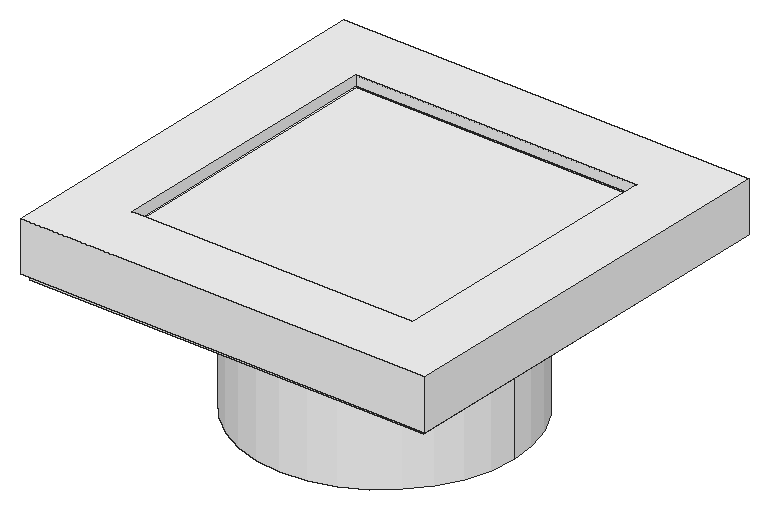
Revit family "Gira_012703", category Electrical Fixtures, host Face, Revit 2017
Family settings
  Host = Face
  Maintain Annotation Orientation = Yes
  Round Connector Dimension = Use Diameter
  Part Type = Normal
  Cut with Voids When Loaded = No
  Shared = No
  Room Calculation Point = No
Parameters (values of type "PB sw. interm.sw. System 55 p.white")
  With mounting plate = "No"
  Wiring system = "Intermediate switch"
  White [instance] = White
  Washing machine switch = "No"
  URL = "http://katalog.gira.de/en/datenblatt.html?artikelnr=012703"
  Type of fastening = "Mounting with claw and screw"
  Surface protection = "Other"
  Surface finishing = "Glossy"
  Suitable for degree of protection (IP) = "IP20"
  Rated current = "10"
  RAL-number (akin) = "9010"
  Push button switch = "Yes"
  Number of rockers = "1"
  Number of modules (module system) = "1"
  Nominal voltage = "250"
  Name = "PB sw. interm.sw. System 55 p.white"
  Mounting method = "Flush mounted (plaster)"
  Model = "Sys55_Komplettgerät_Schalten und Tasten"
  Method of operation = "Rocker/button"
  Material quality = "Thermoplastic"
  Material = "Plastic"
  Manufacturer URL = "https://www.gira.de/"
  Manufacturer = "Gira"
  Label space/information surface = "No"
  Illumination = "No"
  HeinzeBIM = "https://bimportal.heinze.de/bim/pb-sw-interm-sw-system-55-p-white/88cc5eab497b3df18e621df5ebbb32bb8c9555f6"
  Halogen free = "Yes"
  HAN = "012703"
  GTIN = "4010337127031"
  Feedback-signal contact = "No"
  Description = "PB sw.interm.sw. Sys55 PW,Pushbutton switch 10 AX 250 V~ with rocker,Intermediate switch,pure white glossy,"
  Default Elevation = 1219.2 mm
  Data sheet (1) = "https://katalog.gira.de/en/download.html?artikelnr=012703"
  Connection type = "Plug clamp"
  Colour = "White"
  Category = "Switch"
  BIM (1) = "https://media.stage.bim.site/public/gira/36a6b08/Sys55_Komplettgerät_Schalten und Tasten.rfa?public/gira/36a6b08/Sys55_Komplettgerät_Schalten und Tasten.rfa"
  Available = "No"
  Assembly arrangement = "Basic element with central cover plate"
Reference planes
  plane 1 "Center (Front/Back)": y = 0
  plane 2: z = 0
  plane 3 "Center (Left/Right)": x = 0
Forms (mm)
  Extrusion 1, solid, material "White" <- "White", detail levels medium
    sketch origin (0, 0, 0) x (1, 0, 0) y (0, 1, 0)
      loop
        line (-40.4, 40.4) -> (-40.4, -40.4) -> (40.4, -40.4) -> (40.4, 40.4) -> (-40.4, 40.4)
      loop
        line (-28, 28) -> (-28, -28) -> (28, -28) -> (28, 28) -> (-28, 28)
    from 0 to 10
  Extrusion 2, solid, material "White" <- "White", detail levels fine
    sketch origin (0, 0, 0) x (1, 0, 0) y (0, 1, 0)
      loop
        line (-40.4, 40.4) -> (-40.4, -40.4) -> (40.4, -40.4) -> (40.4, 40.4) -> (-40.4, 40.4)
      loop
        line (-28, 28) -> (-28, -28) -> (28, -28) -> (28, 28) -> (-28, 28)
    from 0 to 10
  Extrusion 3, void
    sketch origin (0, 0, 0) x (1, 0, 0) y (0, 1, 0)
      loop
        line (-38.4, 38.4) -> (-38.4, -38.4) -> (38.4, -38.4) -> (38.4, 38.4) -> (-38.4, 38.4)
    from 0 to 8
  Extrusion 4, solid, material "White" <- "White", detail levels medium+fine
    sketch origin (0, 0, 0) x (1, 0, 0) y (0, 1, 0)
      loop
        line (-39.4, 39.4) -> (-39.4, -39.4) -> (39.4, -39.4) -> (39.4, 39.4) -> (-39.4, 39.4)
    from 0 to -1
  Extrusion 5, solid, material "White" <- "White", detail levels medium+fine
    sketch origin (0, 0, 0) x (1, 0, 0) y (0, 1, 0)
      loop
        line (-35.5, 35.5) -> (-35.5, -35.5) -> (35.5, -35.5) -> (35.5, 35.5) -> (-35.5, 35.5)
    from -2 to -3
  Extrusion 6, solid, material "White" <- "White", detail levels medium+fine
    sketch origin (0, 0, 0) x (1, 0, 0) y (0, 1, 0)
      loop
        circle (0, 0) r 26
    from 0 to -27.5
  Extrusion 7, solid, material "White" <- "White", detail levels coarse
    sketch origin (0, 0, 0) x (1, 0, 0) y (0, 1, 0)
      loop
        line (-40.4, 40.4) -> (-40.4, -40.4) -> (40.4, -40.4) -> (40.4, 40.4) -> (-40.4, 40.4)
    from -27.5 to 10
Cuts and joins
  Extrusion 3 cuts Extrusion 2
Dimensions and locks
  aligned and locked: plane 2 to host face
  aligned and locked: level to host face
  aligned and locked: plane 3 "Center (Left/Right)" to nested 2
  aligned and locked: plane 1 "Center (Front/Back)" to nested 2
Nested families
  nested 1: "Sys55_Abdeckung_Schalten und Tasten_floor_base" at (0, 0, 0), type "Sys55_Abdeckung_Schalten und Tasten_floor_base"
  nested 2: "Schalter" at (0, 0, 0), type "Schalter"
Connectors
  electrical at (0, 0, -27.5)
    settings: on Extrusion 6, index 1, voltage 220 V, apparent load 0 VA, apparent load phase1 0 VA, apparent load phase2 0 VA, apparent load phase3 0 VA, power factor 1, load classification "Other", number of poles 1, system type 30, power factor state 1, is connector primary yes, connector utility no, sub classification motor no, connector description ""
Definition of nested family "Sys55_Abdeckung_Schalten und Tasten_floor_base"
  Parameters
    Default Elevation = 1219.2 mm
    White [instance] = none
  Reference planes
    plane 1 "Center (Front/Back)": y = 0
    plane 2: z = 0
    plane 3 "Center (Left/Right)": x = 0
  Forms (mm)
    Extrusion 1, solid
      sketch origin (0, 0, 0) x (1, 0, 0) y (0, 1, 0)
        loop
          line (-1219.2, 1219.2) -> (-1219.2, -1219.2) -> (1219.2, -1219.2) -> (1219.2, 1219.2) -> (-1219.2, 1219.2)
      from 0 to -304.8
    Extrusion 2, solid, material <- "White", detail levels fine
      sketch origin (0, 0, 0) x (1, 0, 0) y (0, 1, 0)
        loop
          line (-27.5, 27.5) -> (-27.5, -27.5) -> (27.5, -27.5) -> (27.5, 27.5) -> (-27.5, 27.5)
      from 0 to 8
    Extrusion 3, void
      sketch origin (0, 0, 0) x (1, 0, 0) y (0, 1, 0)
        loop
          line (26, 26) -> (-26, 26) -> (-26, -26) -> (26, -26) -> (26, 26)
      from 0 to 6
    Extrusion 4, solid, material <- "White", detail levels medium
      sketch origin (0, 0, 0) x (1, 0, 0) y (0, 1, 0)
        loop
          line (-27.5, 27.5) -> (-27.5, -27.5) -> (27.5, -27.5) -> (27.5, 27.5) -> (-27.5, 27.5)
      from 0 to 8
    Extrusion 5, solid, material <- "White", detail levels medium
      sketch origin (0, 0, 0) x (1, 0, 0) y (0, 1, 0)
        loop
          line (11, -17.5) -> (11, 17.5) -> (-11, 17.5) -> (-11, -17.5) -> (11, -17.5)
      from -6 to 6
    Extrusion 6, solid, material <- "White", detail levels fine
      sketch origin (0, 0, 0) x (1, 0, 0) y (0, 1, 0)
        loop
          line (11, 17.5) -> (-11, 17.5) -> (-11, 16.5) -> (11, 16.5) -> (11, 17.5)
        loop
          line (-11, -16.5) -> (-11, -17.5) -> (11, -17.5) -> (11, -16.5) -> (-11, -16.5)
      from -4 to 6
    Extrusion 7, solid, material <- "White", detail levels fine
      sketch origin (0, 0, 0) x (1, 0, 0) y (0, 1, 0)
        loop
          arc (5, 9.347) -> (0, 10.6) -> (-5, 9.347) r 10.6
          line (-5, 9.347) -> (-5, -9.347)
          arc (-5, -9.347) -> (0, -10.6) -> (5, -9.347) r 10.6
          line (5, -9.347) -> (5, 9.347)
      from -6 to 6
    Extrusion 8, solid, material <- "White", detail levels coarse
      sketch origin (0, 0, 0) x (1, 0, 0) y (0, 1, 0)
        loop
          line (-27.5, 27.5) -> (-27.5, -27.5) -> (27.5, -27.5) -> (27.5, 27.5) -> (-27.5, 27.5)
      from -6 to 8
  Cuts and joins
    Extrusion 3 cuts Extrusion 2
  Dimensions and locks
    aligned and locked: plane 2 to Extrusion 1
    aligned and locked: level to Extrusion 1
Definition of nested family "Schalter"
  Reference planes
    plane 1: y = 0
    plane 2: x = 0
  Lines and regions (mm)
    detail lines
      curve 1: circle (1.375, 2.778, 0) r 0.8 normal (0, 0, 1)
      curve 2: line (1.021, 2.061, 0) -> (0, 0, 0)
      curve 3: line (0, 0, 0) -> (-0.538, 0.266, 0)
  Dimensions and locks
    curve 2 to curve 2 = 2.3 mm
    curve 3 to curve 2 = 0.6 mm
    radius of curve 1 = 0.8 mm
